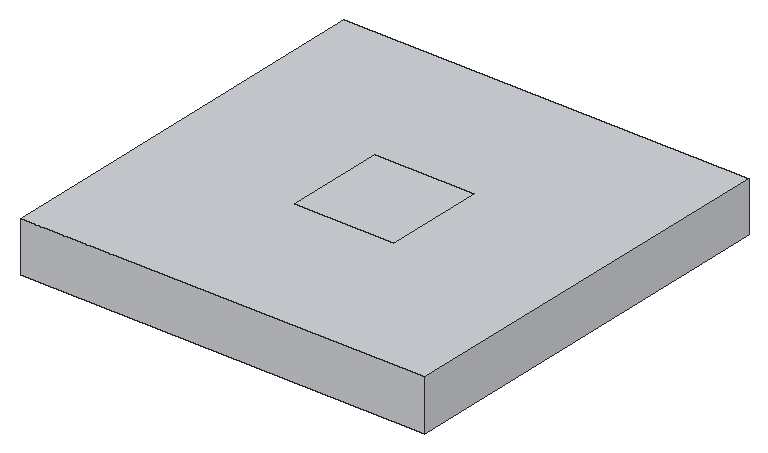
Revit family "M_Difusor do exaustor - Hospedado", category Terminais de ar, Revit 2019
Family settings
  Hospedeiro = Face
  Cota do conector redondo = Utilizar diâmetro
  Tipo de parte = Normal
  Número OmniClass = 23.75.70.21.27.11
  Título OmniClass = Diffusers, Registers, and Grilles
  ID de item do Seek = Exhaust Diffuser - Hosted-0000-CAN-ENU
  Corte com vazios quando carregada = Não
  Compartilhado = Não
  Ponto de cálculo do ambiente = Não
Parameters (values of type "Plano de trabalho-Difusor do exaustor base")
  Largura 1 = Largura do difusor * 0.65  # 390 mm
  Altura do duto = Largura do duto  # 300 mm
  Largura do difusor = 600 mm
  SetaAcima [instance] = yes
  Queda de pressão [instance] = 14.0 Pa
  SetaDireita [instance] = yes
  SetaEsquerda [instance] = yes
  Fluxo [instance] = 235.0 L/s
  SetaparaBaixo [instance] = yes
  Altura do difusor = Largura do difusor  # 600 mm
  Elevação-padrão = 1200 mm
  Largura do duto = 300 mm
  Assembly Code = ""
Reference planes
  plane 1 "Centro (Frente/Trás)": y = 0
  plane 2: z = 0
  plane 3 "Centro (Esquerda/Direita)": x = 0
Forms (mm)
  Extrusion 1, solid
    sketch origin (0, 0, 0) x (1, 0, 0) y (0, 1, 0)
      loop
        line (-1219.2, 1219.2) -> (-1219.2, -1219.2) -> (1219.2, -1219.2) -> (1219.2, 1219.2) -> (-1219.2, 1219.2)
    from 0 to -304.8
  Blend 2, solid
    base sketch origin (-54.328, -11.035, 0) x (1, 0, 0) y (0, 1, 0)
      loop
        line (-95.672, 161.035) -> (-95.672, -138.965) -> (204.328, -138.965) -> (204.328, 161.035) -> (-95.672, 161.035)
    top sketch origin (-54.328, -11.035, 0) x (1, 0, 0) y (0, 1, 0)
      loop
        line (-245.672, 311.035) -> (-245.672, -288.965) -> (354.328, -288.965) -> (354.328, 311.035) -> (-245.672, 311.035)
    from -101.852 to 0
Lines and regions (mm)
  symbolic lines
    curve 1: line (-300, 300, 0) -> (-300, -300, 0)
    curve 2: line (-300, -300, 0) -> (300, -300, 0)
    curve 3: line (300, -300, 0) -> (300, 300, 0)
    curve 4: line (300, 300, 0) -> (-300, 300, 0)
    curve 5: line (-300, 300, 0) -> (300, -300, 0)
    curve 6: line (0, 0, 0) -> (-300, -300, 0)
Dimensions and locks
  equal spacing: Blend 2 sketch curve, plane 3 "Centro (Esquerda/Direita)", Blend 2 sketch curve  (x2)
  "Largura do difusor": Blend 2 sketch curve to Blend 2 sketch curve
  equal spacing: Blend 2 sketch curve, plane 1 "Centro (Frente/Trás)", Blend 2 sketch curve  (x2)
  "Altura do difusor": Blend 2 sketch curve to Blend 2 sketch curve
  "Largura do duto": Blend 2 sketch curve to Blend 2 sketch curve
  "Altura do duto": Blend 2 sketch curve to Blend 2 sketch curve
  "Largura 1": nested 1 to plane 3 "Centro (Esquerda/Direita)"
  "Largura 1": plane 1 "Centro (Frente/Trás)" to nested 2
  "Largura 1": plane 3 "Centro (Esquerda/Direita)" to nested 3
  "Largura 1": plane 1 "Centro (Frente/Trás)" to nested 4
  aligned and locked: plane 2 to Extrusion 1
  aligned and locked: level to Extrusion 1
  aligned and locked: level to Blend 2
  aligned and locked: Blend 2 to curve 1
  aligned and locked: curve 2 to Blend 2
  aligned and locked: curve 3 to Blend 2
  aligned and locked: curve 4 to Blend 2
  aligned and locked: nested 2 to plane 3 "Centro (Esquerda/Direita)"
  aligned and locked: plane 1 "Centro (Frente/Trás)" to nested 1
  aligned and locked: nested 3 to plane 1 "Centro (Frente/Trás)"
  aligned and locked: plane 3 "Centro (Esquerda/Direita)" to nested 4
Automatic sketch dimensions
  Extrusion 1 sketch curve to Extrusion 1 sketch curve = 2438.4 mm  (x2)
Nested families
  nested 1: "M_Seta do terminal do duto" at (-390, 0, 0), visible <- "SetaEsquerda", type "Seta do terminal do duto"
  nested 2: "M_Seta do terminal do duto" at (0, 390, 0) x (0, -1, 0) z (0, 0, 1), visible <- "SetaparaBaixo", type "Seta do terminal do duto"
  nested 3: "M_Seta do terminal do duto" at (390, 0, 0) x (-1, 0, 0) z (0, 0, 1), visible <- "SetaDireita", type "Seta do terminal do duto"
  nested 4: "M_Seta do terminal do duto" at (0, -390, 0) x (0, 1, 0) z (0, 0, 1), visible <- "SetaAcima", type "Seta do terminal do duto"
Connectors
  hvac at (0, 0, -101.852), driven by "Largura do duto", driven by "Largura do duto", driven by "Fluxo", driven by "Queda de pressão"
    settings: on Blend 2, index 0, duct flow 235.0 L/s, flow factor 0, pres drop 14.0 Pa, loss coef 0, conn angle 0.00°, conn width 300 mm, conn height 300 mm, conn diameter 609.6 mm, duct sys type 3, conn prof type 1, flow config 1, flow direction 2, loss method 4, conn ref index -1, conn util no, is conn primary yes, conn desc ""
Definition of nested family "M_Seta do terminal do duto"
  Parameters
    Largura = (Comprimento / 2) / cos(15.00°)  # 25.882 mm
    Comprimento = 50 mm
  Reference planes
    plane 1 "Centro (Frente/Trás)": y = 0
    plane 2: z = 0
    plane 3 "Centro (Esquerda/Direita)": x = 0
  Lines and regions (mm)
    Filled region 1, type "Bloco de concreto", in view "Nível de referência"
      outline origin (-50.8, 0, 0) x (1, 0, 0) y (0, 1, 0)
        loop
          line (25.8, 6.699) -> (25.8, -6.699) -> (50.8, 0) -> (25.8, 6.699)
    detail lines, in view "Nível de referência"
      curve 1: line (-50, 0, 0) -> (0, 0, 0)
      curve 2: line (0, 0, 0) -> (-25, 6.699, 0)
      curve 3: line (0, 0, 0) -> (-25, -6.699, 0)
      curve 4: line (-25, 6.699, 0) -> (-25, -6.699, 0)
  Dimensions and locks
    "Comprimento": curve 1 to curve 1
    "Largura": curve 2 to curve 2
    "Largura": curve 3 to curve 3
    locked: curve 2 to curve 1 (angle 15.00°)
    locked: curve 1 to curve 3 (angle 15.00°)
    aligned and locked: plane 1 "Centro (Frente/Trás)" to curve 1
    aligned and locked: Filled region 1 sketch curve to curve 4
    aligned and locked: Filled region 1 sketch curve to curve 2
    aligned and locked: Filled region 1 sketch curve to curve 3
    aligned and locked: plane 3 "Centro (Esquerda/Direita)" to curve 1
